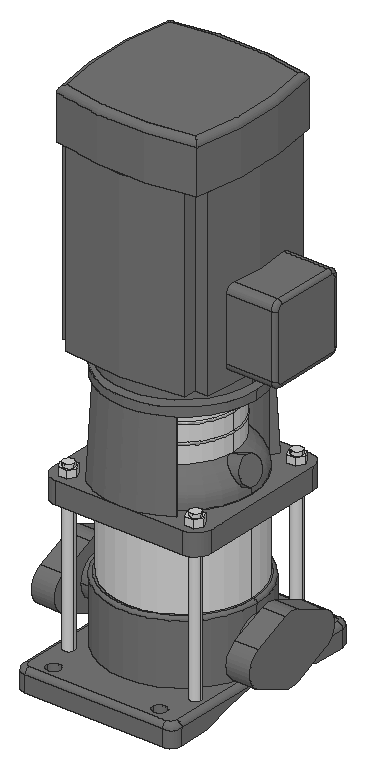
Revit family "TESK_Насос вертикальный с овальными фланцами_SVMT-1", category Оборудование, Revit 2019
Family settings
  Размер круглого соединителя = Использовать диаметр
  Классификация = Насос
  Тип детали = Вставляется
  На основе рабочей плоскости = Нет
  Всегда вертикально = Да
  При загрузке вырезать с полостями = Нет
  Общий = Нет
  Точка расчета площади = Нет
Parameters (values of type "Загрузите каталог типоразмеров TXT")
  Таблица_Поиска = "TESK_SVMT-1 ОФ"  # constant formula
  Производитель_Контакты = "info@teskpump.ru"
  Напор максимальный = 0
  Материал_КорпусУлитка = TESK_Черный_Условный
  Материал_КорпусДвигателя = TESK_Черный_Ребра_Условный
  Материал_2 = TESK_Нержавеющая сталь
  Материал_1 = TESK_Черный_Условный
  Длина_ВспомЛиния = 30 mm  # constant formula
  Высота_Перехода = size_lookup(Таблица_Поиска, "A5", 90 mm, ADSK_Марка)  # 90 mm
  Высота_Корпуса = size_lookup(Таблица_Поиска, "A4", 258 mm, ADSK_Марка)  # 258 mm
  Watermark [instance] = "Модели защищены уникальным кодом"
  URL = "www.teskpump.ru"
  ADSK_Свободный напор жидкости [instance] = 0.0 Pa
  ADSK_Расход жидкости [instance] = 0.0 L/s
  ADSK_Полная мощность = ADSK_Номинальная мощность * ADSK_Коэффициент мощности  # 0 kVA
  ADSK_Номинальная мощность = size_lookup(Таблица_Поиска, "Pow", 0 kW, ADSK_Марка)  # 0 kW
  ADSK_Напряжение = 400 V
  ADSK_Наименование краткое = "Вертикальный многоступенчатый центробежный насос"  # constant formula
  ADSK_Наименование = size_lookup(Таблица_Поиска, "Name", "Не найдено: Насос TESK SVMT-1", ADSK_Марка)  # "Не найдено: Насос TESK SVMT-1"
  ADSK_Масса_Текст = size_lookup(Таблица_Поиска, "mass_t", "Не найдено: Насос TESK SVMT-1", ADSK_Марка)  # "Не найдено: Насос TESK SVMT-1"
  ADSK_Масса = size_lookup(Таблица_Поиска, "mass", 0, ADSK_Марка)  # 0
  ADSK_Марка = "Загрузите каталог типоразмеров TXT"
  ADSK_Коэффициент мощности = 1
  ADSK_Количество фаз числовое = ADSK_Количество фаз  # 3
  ADSK_Количество фаз = if(ADSK_Напряжение = 230 V, 1, 3)  # 3
  ADSK_Количество = 1  # constant formula
  ADSK_Код изделия = size_lookup(Таблица_Поиска, "code", "Не найдено: Насос TESK SVMT-1", ADSK_Марка)  # "Не найдено: Насос TESK SVMT-1"
  ADSK_Классификация нагрузок = Прочее
  ADSK_Завод-изготовитель = "TESK"  # constant formula
  ADSK_Единица измерения = "шт."  # constant formula
  ADSK_Диаметр условный = 25 mm  # constant formula
  ADSK_Версия семейства = "1.0"  # constant formula
  ADSK_Версия Revit = "2019"  # constant formula
  Фланец_Толщина = 22 mm  # constant formula
  УГО_Длина = 206 mm  # constant formula
  Двигатель_Ширина = size_lookup(Таблица_Поиска, "A3", 148 mm, ADSK_Марка)  # 148 mm
  Двигатель_ОтступКоробки = size_lookup(Таблица_Поиска, "A2", 117 mm, ADSK_Марка)  # 117 mm
  Двигатель_Высота = size_lookup(Таблица_Поиска, "A1", 239 mm, ADSK_Марка)  # 239 mm
Reference planes
  plane 1 "По центру (Вперед/Назад)": y = 0
  plane 2: z = 0
  plane 3 "По центру (Влево/Вправо)": x = 0
  plane 4: x = -103
  plane 5: x = 103
  plane 6: x = -81
  plane 7: x = 81
  plane 8: z = -50
  plane 9: z = 208
  plane 10: z = -30
  plane 11: x = -65
  plane 12: z = 20
  plane 13: z = 30
  plane 14: z = 118
  plane 15: x = -40
  plane 16: z = 118
  plane 17: z = 98
  plane 18: x = -75
  plane 19: y = 75
  plane 20: x = 75
  plane 21: y = -75
  plane 22: z = 150.94
  plane 23: z = 200
  plane 24: z = 148
  plane 25: x = -46
  plane 26: x = -48
  plane 27: z = 165.333
  plane 28: z = 182.667
  plane 29: z = 183.667
  plane 30: z = 181.667
  plane 31: z = 166.333
  plane 32: z = 164.333
  plane 33: z = 195
  plane 34: x = -67
  plane 35: x = -75
  plane 36: x = -70
  plane 37: x = 67
  plane 38: x = 75
  plane 39: x = 70
  plane 40: x = -60
  plane 41: x = 60
  plane 42: y = -60
  plane 43: y = 60
  plane 44: z = 128
  plane 45: x = -75
  plane 46: x = 75
  plane 47: y = 105
  plane 48: y = -105
  plane 49: z = -35
  plane 50: x = -70
  plane 51: x = -75
  plane 52: x = -50
  plane 53: x = 50
  plane 54: y = -90
  plane 55: y = 90
  plane 56: z = 20
  plane 57: z = 30
  plane 58: x = -65
  plane 59: x = -70
  plane 60: x = -60
  plane 61: x = 60
  plane 62: y = 60
  plane 63: y = -60
  plane 64: z = 30
  plane 65: y = -65
  plane 66: y = 65
  plane 67: x = -75
  plane 68: x = 75
  plane 69: z = 130
  plane 70: x = 35
Forms (mm)
  Extrusion 1, solid, material "TESK_Черный_Условный" <- "Материал_КорпусУлитка", detail levels fine
    sketch origin (0, 0, 0) x (0, 1, 0) y (0, 0, 1)
      loop
        circle (0, 0) r 20
    from -81 to 81
  Revolve 2, solid, material "TESK_Черный_Условный" <- "Материал_1", detail levels fine
    sketch origin (0, 0, 0) x (1, 0, 0) y (0, 0, 1)
      loop
        line (0, 200) -> (-40, 200) -> (-40, 150.94)
        spline (-40, 150.94) -> (-41.244, 147.444) -> (-44.01, 145.899) -> (-47.266, 144.354) -> (-50.371, 142.694) -> (-53.074, 140.884) -> (-55.632, 138.744) -> (-58.115, 136.259) -> (-60.275, 133.663) -> (-62.008, 131.179) -> (-63.365, 128.735) -> (-64.459, 124.975) -> (-65, 118)
        line (-65, 118) -> (-65, 98) -> (0, 98) -> (0, 200)
      axis (0, 98) -> (0, 200)
    angle from 0 to 360
  Extrusion 3, solid, material "TESK_Черный_Условный" <- "Материал_1", detail levels fine
    sketch origin (0, 0, 0) x (1, 0, 0) y (0, 1, 0)
      loop
        line (-75, 60) -> (-75, -60)
        arc (-75, -60) -> (-70.607, -70.607) -> (-60, -75) r 15
        line (-60, -75) -> (60, -75)
        arc (60, -75) -> (70.607, -70.607) -> (75, -60) r 15
        line (75, -60) -> (75, 60)
        arc (75, 60) -> (70.607, 70.607) -> (60, 75) r 15
        line (60, 75) -> (-60, 75)
        arc (-60, 75) -> (-70.607, 70.607) -> (-75, 60) r 15
    from 98 to 118
  Revolve 4, solid, material "TESK_Нержавеющая сталь" <- "Материал_2", detail levels fine
    sketch origin (0, 0, 0) x (1, 0, 0) y (0, 0, 1)
      loop
        line (-48, 195) -> (-48, 183.667)
        arc (-48, 183.667) -> (-49, 182.667) -> (-48, 181.667) r 1
        line (-48, 181.667) -> (-48, 166.333)
        arc (-48, 166.333) -> (-49, 165.333) -> (-48, 164.333) r 1
        line (-48, 164.333) -> (-48, 148) -> (-46, 148) -> (-46, 195) -> (-48, 195)
      axis (0, 148) -> (0, 195)
    angle from 0 to 360
  Extrusion 5, solid, material "TESK_Черный_Условный" <- "Материал_1", detail levels fine
    sketch origin (0, 0, 0) x (1, 0, 0) y (0, 1, 0)
      loop
        circle (0, 0) r 70
    from 200 to 208
  Revolve 6, solid, material "TESK_Черный_Условный" <- "Материал_1", detail levels fine
    sketch origin (0, 0, 0) x (1, 0, 0) y (0, 0, 1)
      loop
        line (-70, 200) -> (-75, 118) -> (-67, 118) -> (-67, 200) -> (-70, 200)
      axis (0, 118) -> (0, 200)
    angle from 125 to 55
  Revolve 7, solid, material "TESK_Черный_Условный" <- "Материал_1", detail levels fine
    sketch origin (0, 0, 0) x (-1, 0, 0) y (0, 0, 1)
      loop
        line (-70, 200) -> (-75, 118) -> (-67, 118) -> (-67, 200) -> (-70, 200)
      axis (0, 118) -> (0, 200)
    angle from -125 to -55
  Extrusion 8, solid, material "TESK_Нержавеющая сталь" <- "Материал_2", detail levels fine
    sketch origin (0, 0, 0) x (1, 0, 0) y (0, 1, 0)
      loop
        circle (-60, 60) r 5
      loop
        circle (60, 60) r 5
      loop
        circle (-60, -60) r 5
      loop
        circle (60, -60) r 5
    from -30 to 128
  Extrusion 9, solid, material "TESK_Черный_Условный" <- "Материал_1", detail levels fine
    sketch origin (0, 0, 0) x (1, 0, 0) y (0, 1, 0)
      loop
        arc (-65, 105) -> (-72.071, 102.071) -> (-75, 95) r 10
        line (-75, 95) -> (-75, -95)
        arc (-75, -95) -> (-72.071, -102.071) -> (-65, -105) r 10
        line (-65, -105) -> (65, -105)
        arc (65, -105) -> (72.071, -102.071) -> (75, -95) r 10
        line (75, -95) -> (75, 95)
        arc (75, 95) -> (72.071, 102.071) -> (65, 105) r 10
        line (65, 105) -> (-65, 105)
    from -50 to -30
  Sweep 10, void
    path in 3D
      loop
        arc (-75, -95, -30) -> (-72.071, -102.071, -30) -> (-65, -105, -30) r 10
        line (-65, -105, -30) -> (65, -105, -30)
        arc (65, -105, -30) -> (72.071, -102.071, -30) -> (75, -95, -30) r 10
        line (75, -95, -30) -> (75, 95, -30)
        arc (75, 95, -30) -> (72.071, 102.071, -30) -> (65, 105, -30) r 10
        line (65, 105, -30) -> (-65, 105, -30)
        arc (-65, 105, -30) -> (-72.071, 102.071, -30) -> (-75, 95, -30) r 10
        line (-75, 95, -30) -> (-75, -95, -30)
    profile origin (-75, 0, -30) x (1, 0, 0) y (0, 0, 1)
      loop
        arc (0, -5) -> (1.464, -1.464) -> (5, 0) r 5
        line (5, 0) -> (0, 0) -> (0, -5)
  Extrusion 11, void
    sketch origin (0, 0, 0) x (1, 0, 0) y (0, 1, 0)
      loop
        circle (-50, 90) r 6.5
      loop
        circle (50, 90) r 6.5
      loop
        circle (-50, -90) r 6.5
      loop
        circle (50, -90) r 6.5
    from -50 to -30
  Revolve 12, solid, material "TESK_Черный_Условный" <- "Материал_КорпусУлитка", detail levels fine
    sketch origin (0, 0, 0) x (1, 0, 0) y (0, 0, 1)
      loop
        line (-70, -30) -> (0, -30) -> (0, 30) -> (-67, 30)
        arc (-67, 30) -> (-69.121, 29.121) -> (-70, 27) r 3
        line (-70, 27) -> (-70, -30)
      axis (0, -30) -> (0, 30)
    angle from 0 to 360
  Extrusion 13, solid, material "TESK_Нержавеющая сталь" <- "Материал_2", detail levels fine
    sketch origin (0, 0, 0) x (1, 0, 0) y (0, 1, 0)
      loop
        circle (0, 0) r 65
    from 30 to 98
  Extrusion 14, void
    sketch origin (0, 0, 0) x (0, 1, 0) y (0, 0, 1)
      loop
        line (-65, -50) -> (65, -50)
        arc (65, -50) -> (0, -35.496) -> (-65, -50) r 152.902
    from 75 to -75
  Extrusion 15, solid, material "TESK_Черный_Условный" <- "Материал_КорпусУлитка", detail levels fine
    sketch origin (0, 0, 0) x (0, 1, 0) y (0, 0, 1)
      loop
        line (-7.28, 30.675) -> (-39.42, 16.462)
        arc (-39.42, 16.462) -> (-50.14, 0) -> (-39.42, -16.462) r 18
        line (-39.42, -16.462) -> (-7.28, -30.675)
        arc (-7.28, -30.675) -> (0, -32.213) -> (7.28, -30.675) r 18
        line (7.28, -30.675) -> (39.42, -16.462)
        arc (39.42, -16.462) -> (50.14, 0) -> (39.42, 16.462) r 18
        line (39.42, 16.462) -> (7.28, 30.675)
        arc (7.28, 30.675) -> (0, 32.213) -> (-7.28, 30.675) r 18
    from 81 to 103
  Extrusion 16, solid, material "TESK_Черный_Условный" <- "Материал_КорпусУлитка", detail levels fine
    sketch origin (0, 0, 0) x (0, 1, 0) y (0, 0, 1)
      loop
        line (-7.28, 30.675) -> (-39.42, 16.462)
        arc (-39.42, 16.462) -> (-50.14, 0) -> (-39.42, -16.462) r 18
        line (-39.42, -16.462) -> (-7.28, -30.675)
        arc (-7.28, -30.675) -> (0, -32.213) -> (7.28, -30.675) r 18
        line (7.28, -30.675) -> (39.42, -16.462)
        arc (39.42, -16.462) -> (50.14, 0) -> (39.42, 16.462) r 18
        line (39.42, 16.462) -> (7.28, 30.675)
        arc (7.28, 30.675) -> (0, 32.213) -> (-7.28, 30.675) r 18
    from -103 to -81
  Sweep 17, solid, material "TESK_Черный_Условный" <- "Материал_1", detail levels fine
    path in 3D
      loop
        line (35, 0, 130) -> (63.978, 0, 137.765)
    profile origin (49.489, 0, 133.882) x (-0.258819, 0, 0.965926) y (0, -1, 0)
      loop
        circle (0, 0) r 12.65
Cuts and joins
  Sweep 10, Extrusion 11, Extrusion 14 cuts Extrusion 9
Lines and regions (mm)
  sketch lines
    curve 1: line (-75, 95, -30) -> (-75, -95, -30)
    curve 2: arc (-65, -105, -30) -> (-72.071, -102.071, -30) -> (-75, -95, -30) r 10
    curve 3: line (-65, -105, -30) -> (65, -105, -30)
    curve 4: arc (75, -95, -30) -> (72.071, -102.071, -30) -> (65, -105, -30) r 10
    curve 5: line (75, -95, -30) -> (75, 95, -30)
    curve 6: arc (65, 105, -30) -> (72.071, 102.071, -30) -> (75, 95, -30) r 10
    curve 7: line (65, 105, -30) -> (-65, 105, -30)
    curve 8: arc (-75, 95, -30) -> (-72.071, 102.071, -30) -> (-65, 105, -30) r 10
    curve 10: line (35, 0, 130) -> (63.978, 0, 137.765)
  reference lines
    curve 9: line (35, 0, 130) -> (63.978, 0, 137.765)
Dimensions and locks
  locked: plane 3 "По центру (Влево/Вправо)" to plane 4 at 103
  locked: plane 5 to plane 3 "По центру (Влево/Вправо)" at 103
  locked: plane 2 to plane 8 at 50
  locked: plane 10 to plane 8 at 20
  locked: plane 3 "По центру (Влево/Вправо)" to plane 11 at 65
  locked: plane 12 to level at 20
  locked: plane 13 to plane 12 at 10
  "Высота_Перехода": plane 9 to plane 14
  locked: plane 3 "По центру (Влево/Вправо)" to plane 15 at 40
  "Высота_Перехода": plane 9 to plane 16
  locked: plane 16 to plane 17 at 20
  equal spacing: plane 18, plane 3 "По центру (Влево/Вправо)", plane 20
  equal spacing: plane 19, plane 1 "По центру (Вперед/Назад)", plane 21
  locked: plane 21 to plane 1 "По центру (Вперед/Назад)" at 75
  locked: plane 18 to plane 3 "По центру (Влево/Вправо)" at 75
  locked: plane 22 to plane 14 at 32.94
  locked: plane 24 to plane 16 at 30
  locked: plane 9 to plane 23 at 8
  locked: plane 3 "По центру (Влево/Вправо)" to plane 25 at 46
  locked: plane 3 "По центру (Влево/Вправо)" to plane 26 at 48
  equal spacing: plane 23, plane 28, plane 27, plane 24
  plane 29 to plane 28 to plane 30 = 1 mm locked, 1 mm locked
  plane 31 to plane 27 to plane 32 = 1 mm locked, 1 mm locked
  locked: plane 23 to plane 33 at 5
  locked: plane 3 "По центру (Влево/Вправо)" to plane 34 at 67
  locked: plane 35 to plane 3 "По центру (Влево/Вправо)" at 75
  locked: plane 3 "По центру (Влево/Вправо)" to plane 36 at 70
  locked: plane 37 to plane 3 "По центру (Влево/Вправо)" at 67
  locked: plane 39 to plane 3 "По центру (Влево/Вправо)" at 70
  locked: plane 38 to plane 3 "По центру (Влево/Вправо)" at 75
  equal spacing: plane 40, plane 3 "По центру (Влево/Вправо)", plane 41
  locked: plane 40 to plane 3 "По центру (Влево/Вправо)" at 60
  equal spacing: plane 43, plane 1 "По центру (Вперед/Назад)", plane 42
  locked: plane 43 to plane 1 "По центру (Вперед/Назад)" at 60
  locked: plane 44 to plane 16 at 10
  equal spacing: plane 45, plane 3 "По центру (Влево/Вправо)", plane 46
  locked: plane 45 to plane 3 "По центру (Влево/Вправо)" at 75
  equal spacing: plane 47, plane 1 "По центру (Вперед/Назад)", plane 48
  plane 47 to plane 1 "По центру (Вперед/Назад)" = 105 mm
  locked: plane 51 to plane 3 "По центру (Влево/Вправо)" at 75
  locked: plane 51 to plane 50 at 5
  locked: plane 10 to plane 49 at 5
  equal spacing: plane 52, plane 3 "По центру (Влево/Вправо)", plane 53
  locked: plane 52 to plane 3 "По центру (Влево/Вправо)" at 50
  equal spacing: plane 55, plane 1 "По центру (Вперед/Назад)", plane 54
  locked: plane 55 to plane 1 "По центру (Вперед/Назад)" at 90
  locked: plane 3 "По центру (Влево/Вправо)" to plane 58 at 65
  locked: plane 58 to plane 59 at 5
  locked: plane 56 to plane 2 at 20
  locked: plane 57 to plane 56 at 10
  equal spacing: plane 62, plane 1 "По центру (Вперед/Назад)", plane 63
  locked: plane 62 to plane 1 "По центру (Вперед/Назад)" at 60
  equal spacing: plane 60, plane 3 "По центру (Влево/Вправо)", plane 61
  locked: plane 3 "По центру (Влево/Вправо)" to plane 61 at 60
  locked: plane 64 to plane 2 at 30
  "Высота_Корпуса": plane 9 to plane 8
  "Фланец_Толщина": plane 6 to plane 4
  "Фланец_Толщина": plane 5 to plane 7
  equal spacing: plane 65, plane 1 "По центру (Вперед/Назад)", plane 66
  locked: plane 65 to plane 1 "По центру (Вперед/Назад)" at 65
  locked: plane 8 to Extrusion 14 sketch curve at 138.398
  equal spacing: plane 68, plane 3 "По центру (Влево/Вправо)", plane 67
  locked: plane 3 "По центру (Влево/Вправо)" to plane 67 at 75
  equal spacing: Extrusion 15 sketch curve, plane 1 "По центру (Вперед/Назад)", Extrusion 15 sketch curve
  locked: Extrusion 15 sketch curve to plane 1 "По центру (Вперед/Назад)" at 32.14
  equal spacing: Extrusion 15 sketch curve, plane 2, Extrusion 15 sketch curve
  locked: Extrusion 15 sketch curve to plane 2 at 14.213
  equal spacing: Extrusion 16 sketch curve, plane 2, Extrusion 16 sketch curve
  equal spacing: Extrusion 16 sketch curve, plane 1 "По центру (Вперед/Назад)", Extrusion 16 sketch curve
  locked: Extrusion 16 sketch curve to plane 1 "По центру (Вперед/Назад)" at 32.14
  locked: Extrusion 16 sketch curve to plane 2 at 14.213
  locked: plane 70 to plane 3 "По центру (Влево/Вправо)" at 35
  locked: plane 69 to plane 16 at 12
  "Длина_ВспомЛиния": curve 9 to curve 9
  diameter of Extrusion 1 sketch curve = 40 mm
  radius of Extrusion 3 sketch curve = 15 mm  (x4)
  radius of Revolve 4 sketch curve = 1 mm  (x2)
  diameter of Extrusion 5 sketch curve = 140 mm
  diameter of Extrusion 8 sketch curve = 10 mm  (x4)
  radius of Extrusion 9 sketch curve = 10 mm  (x4)
  radius of Sweep 10 sketch curve = 5 mm
  diameter of Extrusion 11 sketch curve = 13 mm  (x4)
  diameter of Extrusion 13 sketch curve = 130 mm
  radius of Extrusion 14 sketch curve = 152.902 mm
  radius of Revolve 12 sketch curve = 3 mm
  radius of Extrusion 15 sketch curve = 18 mm  (x4)
  radius of Extrusion 16 sketch curve = 18 mm  (x4)
  diameter of Sweep 17 sketch curve = 25.3 mm
  locked: plane 69 to curve 9 (angle 15.00°)
  aligned and locked: level to plane 2
  aligned and locked: Extrusion 1 to plane 6
  aligned and locked: plane 7 to Extrusion 1
  aligned and locked: plane 9 to nested 1
  aligned and locked: plane 3 "По центру (Влево/Вправо)" to Revolve 2 sketch curve
  aligned and locked: Revolve 2 sketch curve to plane 3 "По центру (Влево/Вправо)"
  aligned and locked: Revolve 2 sketch curve to plane 11
  aligned and locked: plane 14 to Revolve 2 sketch curve
  aligned and locked: Revolve 2 sketch curve to plane 15
  aligned and locked: Extrusion 3 sketch curve to plane 18
  aligned and locked: Extrusion 3 sketch curve to plane 19
  aligned and locked: Extrusion 3 sketch curve to plane 20
  aligned and locked: Extrusion 3 sketch curve to plane 21
  aligned and locked: plane 16 to Extrusion 3
  aligned and locked: Extrusion 3 to plane 17
  aligned and locked: plane 22 to Revolve 2 sketch curve
  aligned and locked: plane 3 "По центру (Влево/Вправо)" to Revolve 4 sketch curve
  aligned and locked: Revolve 4 sketch curve to plane 26  (x3)
  aligned and locked: Revolve 4 sketch curve to plane 24
  aligned and locked: Revolve 4 sketch curve to plane 25
  aligned and locked: Revolve 4 sketch curve to plane 33
  aligned and locked: Extrusion 5 to plane 23
  aligned and locked: plane 9 to Extrusion 5
  aligned and locked: plane 3 "По центру (Влево/Вправо)" to Revolve 6 sketch curve
  aligned and locked: Revolve 6 sketch curve to plane 34
  aligned and locked: plane 16 to Revolve 6 sketch curve
  aligned and locked: Revolve 6 sketch curve to plane 23
  aligned and locked: plane 35 to Revolve 6 sketch curve
  aligned and locked: Revolve 7 sketch curve to plane 37
  aligned and locked: Revolve 7 sketch curve to plane 16
  aligned and locked: plane 23 to Revolve 7 sketch curve
  aligned and locked: plane 43 to Extrusion 8 sketch curve  (x2)
  aligned and locked: plane 40 to Extrusion 8 sketch curve  (x2)
  aligned and locked: plane 41 to Extrusion 8 sketch curve  (x2)
  aligned and locked: plane 42 to Extrusion 8 sketch curve  (x2)
  aligned and locked: Extrusion 8 to plane 10
  aligned and locked: plane 44 to Extrusion 8
  aligned and locked: Extrusion 9 sketch curve to plane 47
  aligned and locked: Extrusion 9 sketch curve to plane 45
  aligned and locked: Extrusion 9 sketch curve to plane 46
  aligned and locked: Extrusion 9 sketch curve to plane 48
  aligned and locked: plane 8 to Extrusion 9
  aligned and locked: plane 10 to Extrusion 9
  aligned and locked: Sweep 10 sketch curve to plane 51
  aligned and locked: profile plane to Sweep 10 sketch curve
  aligned and locked: Revolve 2 sketch curve to plane 23
  aligned and locked: nested 2 to plane 1 "По центру (Вперед/Назад)"
  aligned and locked: nested 2 to plane 3 "По центру (Влево/Вправо)"
  aligned and locked: nested 3 to plane 3 "По центру (Влево/Вправо)"
  aligned and locked: nested 3 to plane 1 "По центру (Вперед/Назад)"
  aligned and locked: plane 2 to nested 3
  aligned and locked: plane 52 to Extrusion 11 sketch curve  (x2)
  aligned and locked: plane 54 to Extrusion 11 sketch curve
  aligned and locked: plane 53 to Extrusion 11 sketch curve  (x2)
  aligned and locked: plane 55 to Extrusion 11 sketch curve  (x2)
  aligned and locked: plane 10 to Extrusion 11
  aligned and locked: Extrusion 11 to plane 8
  aligned and locked: plane 3 "По центру (Влево/Вправо)" to Revolve 12 sketch curve
  aligned and locked: Revolve 12 sketch curve to plane 10
  aligned and locked: Revolve 12 sketch curve to plane 57
  aligned and locked: Revolve 12 sketch curve to plane 3 "По центру (Влево/Вправо)"
  aligned and locked: plane 3 "По центру (Влево/Вправо)" to nested 1
  aligned and locked: plane 1 "По центру (Вперед/Назад)" to nested 1
  aligned and locked: nested 4 to plane 62
  aligned and locked: plane 61 to nested 4
  aligned and locked: plane 62 to nested 5
  aligned and locked: plane 60 to nested 5
  aligned and locked: plane 63 to nested 7
  aligned and locked: nested 7 to plane 60
  aligned and locked: nested 6 to plane 63
  aligned and locked: nested 6 to plane 61
  aligned and locked: plane 16 to nested 6
  aligned and locked: nested 4 to plane 16
  aligned and locked: nested 7 to plane 16
  aligned and locked: plane 16 to nested 5
  aligned and locked: Revolve 2 sketch curve to plane 17
  aligned and locked: plane 1 "По центру (Вперед/Назад)" to Extrusion 13 sketch curve
  aligned and locked: plane 3 "По центру (Влево/Вправо)" to Extrusion 13 sketch curve
  aligned and locked: plane 17 to Extrusion 13
  aligned and locked: Extrusion 13 to plane 64
  aligned and locked: plane 36 to Revolve 6 sketch curve
  aligned and locked: plane 38 to Revolve 7 sketch curve
  aligned and locked: Revolve 12 sketch curve to plane 59
  aligned and locked: plane 66 to Extrusion 14 sketch curve
  aligned and locked: plane 65 to Extrusion 14 sketch curve
  aligned and locked: plane 1 "По центру (Вперед/Назад)" to Extrusion 14 sketch curve
  aligned and locked: Extrusion 14 to plane 68
  aligned and locked: Extrusion 14 to plane 67
  aligned and locked: plane 2 to Extrusion 15 sketch curve  (x2)
  aligned and locked: plane 1 "По центру (Вперед/Назад)" to Extrusion 15 sketch curve  (x2)
  aligned and locked: Extrusion 15 to plane 7
  aligned and locked: plane 5 to Extrusion 15
  aligned and locked: plane 2 to Extrusion 16 sketch curve  (x2)
  aligned and locked: plane 1 "По центру (Вперед/Назад)" to Extrusion 16 sketch curve  (x2)
  aligned and locked: Extrusion 16 to plane 4
  aligned and locked: plane 6 to Extrusion 16
  aligned and locked: plane 69 to curve 9
  aligned and locked: plane 70 to curve 9
Automatic sketch dimensions
  Extrusion 1 sketch curve to level = 0 mm
  Extrusion 1 sketch curve to plane 1 "По центру (Вперед/Назад)" = 0 mm
  Revolve 4 sketch curve to plane 32 = 0 mm
  Revolve 4 sketch curve to plane 30 = 0 mm
  Revolve 4 sketch curve to plane 24 = 10 mm
  Revolve 4 sketch curve to Revolve 4 sketch curve = 10 mm
  plane 1 "По центру (Вперед/Назад)" to Extrusion 5 sketch curve = 0 mm
  Extrusion 5 sketch curve to plane 3 "По центру (Влево/Вправо)" = 0 mm
  Sweep 10 sketch curve to plane 49 = 0 mm  (x2)
  Sweep 10 sketch curve to Sweep 10 sketch curve = 0 mm
  Sweep 10 sketch curve to plane 50 = 0 mm
  Extrusion 11 sketch curve to plane 54 = 0 mm
  Revolve 6 sketch curve to plane 44 = 0 mm
  Revolve 6 sketch curve to plane 24 = 7.057 mm
  plane 39 to Revolve 7 sketch curve = 0 mm
  Revolve 7 sketch curve to plane 3 "По центру (Влево/Вправо)" = 0 mm
  Revolve 7 sketch curve to plane 44 = 0 mm
  plane 24 to Revolve 7 sketch curve = 7.057 mm
  Revolve 12 sketch curve to plane 17 = 30 mm
  Revolve 12 sketch curve to plane 17 = 10 mm
  Extrusion 15 sketch curve to Extrusion 15 sketch curve = 0 mm
  Extrusion 15 sketch curve to Extrusion 15 sketch curve = 7.28 mm  (x5)
  Extrusion 15 sketch curve to Extrusion 15 sketch curve = 14.213 mm
  plane 64 to Extrusion 15 sketch curve = 0.675 mm
  Extrusion 16 sketch curve to Extrusion 16 sketch curve = 0 mm
  Extrusion 16 sketch curve to Extrusion 16 sketch curve = 7.28 mm  (x5)
  Extrusion 16 sketch curve to Extrusion 16 sketch curve = 14.56 mm
  plane 64 to Extrusion 16 sketch curve = 0.675 mm
  Sweep 17 sketch curve to profile plane = 0 mm
  profile plane to Sweep 17 sketch curve = 0 mm
  Revolve 2 sketch curve to plane 17 = 8 mm
  Revolve 2 sketch curve to Revolve 2 sketch curve = 2 mm
Nested families
  nested 1: "Электродвигатель" at (0, 0, 208), Высота_Двигателя <- "Двигатель_Высота", Отступ_Коробка <- "Двигатель_ОтступКоробки", Ширина_Двигателя <- "Двигатель_Ширина", ADSK_Материал <- "Материал_1", Материал_Корпуса <- "Материал_КорпусДвигателя", type "Электродвигатель", detail levels fine
    with Ширина_Коробки 74 mm, Ширина_Двигателя 148 mm, Отступ_Коробка 117 mm, Материал_Корпуса TESK_Черный_Ребра_Условный, Высота_Двигателя 239 mm, r_Крышка 5.92 mm, r_Коробка 7.4 mm, r2_Коробка 3.7 mm, r2 66.6 mm, r1 54.76 mm, h4 11.95 mm, h3 47.8 mm, h2 14.34 mm, h1 4.78 mm, a 17.76 mm, R 281.2 mm, ADSK_Материал TESK_Черный_Условный
  nested 2: "Вл_УГО_Насос_2D" at (0, 0, 0) x (-1, 0, 0) z (0, 0, 1), L_УГО <- "УГО_Длина", type "Вл_УГО_Насос_2D", detail levels coarse+medium
    with L_УГО 206 mm
  nested 3: "Вл_УГО_Насос_3D" at (0, 0, 0) x (-1, 0, 0) z (0, -1, 0), L_УГО <- "УГО_Длина", type "Вл_УГО_Насос_3D", detail levels coarse+medium
    with L_УГО 206 mm
  nested 4: "Гайка_Условная" at (60, 60, 118), Материал1 <- "Материал_2", type "Гайка_Условная", detail levels fine
    with Толщина_Гайка 7 mm, Материал1 TESK_Нержавеющая сталь, S_Гайка 14 mm, D_Вн 10 mm
  nested 5: "Гайка_Условная" at (-60, 60, 118) x (-1, 0, 0) z (0, 0, 1), Материал1 <- "Материал_2", type "Гайка_Условная", detail levels fine
    with Толщина_Гайка 7 mm, Материал1 TESK_Нержавеющая сталь, S_Гайка 14 mm, D_Вн 10 mm
  nested 6: "Гайка_Условная" at (60, -60, 118), Материал1 <- "Материал_2", type "Гайка_Условная", detail levels fine
    with Толщина_Гайка 7 mm, Материал1 TESK_Нержавеющая сталь, S_Гайка 14 mm, D_Вн 10 mm
  nested 7: "Гайка_Условная" at (-60, -60, 118) x (-1, 0, 0) z (0, 0, 1), Материал1 <- "Материал_2", type "Гайка_Условная", detail levels fine
    with Толщина_Гайка 7 mm, Материал1 TESK_Нержавеющая сталь, S_Гайка 14 mm, D_Вн 10 mm
Connectors
  electrical at (0, 0, 399.2), driven by "ADSK_Количество фаз", driven by "ADSK_Классификация нагрузок", driven by "ADSK_Напряжение", driven by "ADSK_Полная мощность", driven by "ADSK_Коэффициент мощности"
    settings: on nested 1, index 1, voltage 400 V, apparent load 0 kVA, apparent load phase1 0 kVA, apparent load phase2 0 kVA, apparent load phase3 0 kVA, power factor 1, load classification "Прочее", number of poles 3, system type 30, power factor state 1, is connector primary yes, connector utility no, sub classification motor no, connector description ""
  piping at (-103, 0, 0), diameter 25, driven by "ADSK_Диаметр условный", driven by "ADSK_Расход жидкости"
    settings: on Extrusion 16, index 2, connector inside diameter 609.6 mm, connector length 0 mm, flow factor 0, pipe flow 0.0 L/s, pressure drop 0.0 Pa, fitting loss kfactor 0, connector angle 0.00°, fixture units 0, engagement length 0 mm, angle of deflection 0.00°, flow configuration 0, flow direction 1, fitting loss method 0, system type 29, joint type 0, gender type 0, connector reference index 3, connector utility 0, adjustable connector no, is connector primary no, connector description ""
  piping at (103, 0, 0), diameter 25, driven by "ADSK_Диаметр условный", driven by "ADSK_Расход жидкости"
    settings: on Extrusion 15, index 3, connector inside diameter 609.6 mm, connector length 0 mm, flow factor 0, pipe flow 0.0 L/s, pressure drop 0.0 Pa, fitting loss kfactor 0, connector angle 0.00°, fixture units 0, engagement length 0 mm, angle of deflection 0.00°, flow configuration 0, flow direction 2, fitting loss method 0, system type 29, joint type 0, gender type 0, connector reference index 2, connector utility 0, adjustable connector no, is connector primary yes, connector description ""
Definition of nested family "Электродвигатель"
  Parameters (values of type "Электродвигатель")
    Ширина_Коробки [instance] = Ширина_Двигателя * 0.5  # 74 mm
    Ширина_Двигателя [instance] = 148 mm
    Отступ_Коробка [instance] = 117 mm
    Материал_Корпуса [instance] = none
    Высота_Двигателя [instance] = 239 mm
    r_Крышка [instance] = Ширина_Двигателя * 0.04  # 5.92 mm
    r_Коробка [instance] = Ширина_Коробки * 0.1  # 7.4 mm
    r2_Коробка [instance] = Ширина_Коробки * 0.05  # 3.7 mm
    r2 [instance] = Ширина_Двигателя * 0.45  # 66.6 mm
    r1 [instance] = Ширина_Двигателя * 0.37  # 54.76 mm
    h4 [instance] = Высота_Двигателя * 0.05  # 11.95 mm
    h3 [instance] = Высота_Двигателя * 0.2  # 47.8 mm
    h2 [instance] = Высота_Двигателя * 0.06  # 14.34 mm
    h1 [instance] = Высота_Двигателя * 0.02  # 4.78 mm
    a [instance] = Ширина_Двигателя * 0.12  # 17.76 mm
    R [instance] = Ширина_Двигателя * 1.9  # 281.2 mm
    ADSK_Материал [instance] = none
  Reference planes
    plane 1 "По центру (Вперед/Назад)": y = 0
    plane 2: z = 0
    plane 3 "По центру (Влево/Вправо)": x = 0
    plane 4: z = 239
    plane 5: x = -74
    plane 6: x = 74
    plane 7: x = 117
    plane 8: y = 74
    plane 9: y = -74
    plane 10: z = 4.78
    plane 11: z = 19.12
    plane 12: z = 191.2
    plane 13: x = -56.24
    plane 14: y = -56.24
    plane 15: y = 56.24
    plane 16: x = -56.24
    plane 17: x = 56.24
    plane 18: y = 56.24
    plane 19: x = 56.24
    plane 20: y = -56.24
    plane 21: x = -66.6
    plane 22: x = -54.76
    plane 23: x = 207.2
    plane 24: x = -207.2
    plane 25: y = -207.2
    plane 26: y = 207.2
    plane 27: x = 207.2
    plane 28: y = -207.2
    plane 29: x = -207.2
    plane 30: y = 207.2
    plane 31: y = 68.08
    plane 32: z = 233.08
    plane 33: z = 31.07
    plane 34: z = 105.07
    plane 35: y = -37
    plane 36: y = 37
    plane 37: x = 113.3
    plane 38: z = 101.37
  Forms (mm)
    Extrusion 1, solid, material <- "Материал_Корпуса"
      sketch origin (0, 0, 0) x (1, 0, 0) y (0, 1, 0)
        loop
          arc (-68.319, 56.24) -> (-74, 0) -> (-68.319, -56.24) r 281.2
          line (-68.319, -56.24) -> (-56.24, -56.24) -> (-56.24, -68.319)
          arc (-56.24, -68.319) -> (0, -74) -> (56.24, -68.319) r 281.2
          line (56.24, -68.319) -> (56.24, -56.24) -> (68.319, -56.24)
          arc (68.319, -56.24) -> (74, 0) -> (68.319, 56.24) r 281.2
          line (68.319, 56.24) -> (56.24, 56.24) -> (56.24, 68.319)
          arc (56.24, 68.319) -> (0, 74) -> (-56.24, 68.319) r 281.2
          line (-56.24, 68.319) -> (-56.24, 56.24) -> (-68.319, 56.24)
      from 19.12 to 191.2
    Revolve 2, solid, material <- "ADSK_Материал"
      sketch origin (0, 0, 0) x (1, 0, 0) y (0, 0, 1)
        loop
          line (-66.6, 19.12) -> (-66.6, 4.78) -> (-54.76, 4.78) -> (-54.76, 0) -> (0, 0) -> (0, 19.12) -> (-66.6, 19.12)
        axis (0, 0) -> (0, 19.12)
      angle from 0 to 360
    Extrusion 3, solid, material <- "ADSK_Материал"
      sketch origin (0, 0, 0) x (1, 0, 0) y (0, 1, 0)
        loop
          arc (-66.117, 66.117) -> (-74, 0) -> (-66.117, -66.117) r 281.2
          arc (-66.117, -66.117) -> (0, -74) -> (66.117, -66.117) r 281.2
          arc (66.117, -66.117) -> (74, 0) -> (66.117, 66.117) r 281.2
          arc (66.117, 66.117) -> (0, 74) -> (-66.117, 66.117) r 281.2
      from 191.2 to 239
    Sweep 4, void
      path in 3D
        loop
          arc (66.117, 66.117, 239) -> (74, 0, 239) -> (66.117, -66.117, 239) r 281.2
          arc (66.117, -66.117, 239) -> (0, -74, 239) -> (-66.117, -66.117, 239) r 281.2
          arc (-66.117, -66.117, 239) -> (-74, 0, 239) -> (-66.117, 66.117, 239) r 281.2
          arc (-66.117, 66.117, 239) -> (0, 74, 239) -> (66.117, 66.117, 239) r 281.2
      profile origin (0, 74, 239) x (0, 1, 0) y (0, 0, 1)
        loop
          line (0, 0) -> (-5.92, 0)
          arc (-5.92, 0) -> (-1.734, -1.734) -> (0, -5.92) r 5.92
          line (0, -5.92) -> (0, 0)
    Extrusion 5, solid, material <- "ADSK_Материал"
      sketch origin (0, 0, 0) x (0, 1, 0) y (0, 0, 1)
        loop
          line (-29.6, 31.07) -> (29.6, 31.07)
          arc (29.6, 31.07) -> (34.833, 33.237) -> (37, 38.47) r 7.4
          line (37, 38.47) -> (37, 97.67)
          arc (37, 97.67) -> (34.833, 102.903) -> (29.6, 105.07) r 7.4
          line (29.6, 105.07) -> (-29.6, 105.07)
          arc (-29.6, 105.07) -> (-34.833, 102.903) -> (-37, 97.67) r 7.4
          line (-37, 97.67) -> (-37, 38.47)
          arc (-37, 38.47) -> (-34.833, 33.237) -> (-29.6, 31.07) r 7.4
      from 0 to 117
    Sweep 6, void
      path in 3D
        loop
          arc (117, -29.6, 105.07) -> (117, -34.833, 102.903) -> (117, -37, 97.67) r 7.4
          line (117, -37, 97.67) -> (117, -37, 38.47)
          arc (117, -37, 38.47) -> (117, -34.833, 33.237) -> (117, -29.6, 31.07) r 7.4
          line (117, -29.6, 31.07) -> (117, 29.6, 31.07)
          arc (117, 29.6, 31.07) -> (117, 34.833, 33.237) -> (117, 37, 38.47) r 7.4
          line (117, 37, 38.47) -> (117, 37, 97.67)
          arc (117, 37, 97.67) -> (117, 34.833, 102.903) -> (117, 29.6, 105.07) r 7.4
          line (117, 29.6, 105.07) -> (117, -29.6, 105.07)
      profile origin (117, 0, 105.07) x (1, 0, 0) y (0, 0, 1)
        loop
          arc (-3.7, 0) -> (-1.084, -1.084) -> (0, -3.7) r 3.7
          line (0, -3.7) -> (0, 0) -> (-3.7, 0)
  Cuts and joins
    Sweep 4 cuts Extrusion 3
    Sweep 6 cuts Extrusion 5
  Lines and regions (mm)
    sketch lines
      curve 1: arc (-66.117, 66.117, 239) -> (0, 74, 239) -> (66.117, 66.117, 239) r 281.2
      curve 2: arc (66.117, 66.117, 239) -> (74, 0, 239) -> (66.117, -66.117, 239) r 281.2
      curve 3: arc (66.117, -66.117, 239) -> (0, -74, 239) -> (-66.117, -66.117, 239) r 281.2
      curve 4: arc (-66.117, -66.117, 239) -> (-74, 0, 239) -> (-66.117, 66.117, 239) r 281.2
      curve 5: line (117, 29.6, 105.07) -> (117, -29.6, 105.07)
      curve 6: arc (117, 29.6, 105.07) -> (117, 34.833, 102.903) -> (117, 37, 97.67) r 7.4
      curve 7: line (117, 37, 38.47) -> (117, 37, 97.67)
      curve 8: arc (117, 37, 38.47) -> (117, 34.833, 33.237) -> (117, 29.6, 31.07) r 7.4
      curve 9: line (117, -29.6, 31.07) -> (117, 29.6, 31.07)
      curve 10: arc (117, -29.6, 31.07) -> (117, -34.833, 33.237) -> (117, -37, 38.47) r 7.4
      curve 11: line (117, -37, 97.67) -> (117, -37, 38.47)
      curve 12: arc (117, -37, 97.67) -> (117, -34.833, 102.903) -> (117, -29.6, 105.07) r 7.4
  Dimensions and locks
    "Высота_Двигателя": plane 4 to plane 2
    equal spacing: plane 6, plane 3 "По центру (Влево/Вправо)", plane 5
    "Ширина_Двигателя": plane 6 to plane 5
    "Отступ_Коробка": plane 7 to plane 3 "По центру (Влево/Вправо)"
    equal spacing: plane 8, plane 1 "По центру (Вперед/Назад)", plane 9
    "Ширина_Двигателя": plane 8 to plane 9
    "a": plane 5 to plane 13
    "a": plane 14 to plane 9
    "a": plane 19 to plane 6
    "a": plane 20 to plane 9
    "a": plane 17 to plane 6
    "a": plane 8 to plane 18
    "a": plane 8 to plane 15
    "a": plane 5 to plane 16
    "r1": plane 3 "По центру (Влево/Вправо)" to plane 22
    "r2": plane 3 "По центру (Влево/Вправо)" to plane 21
    "h1": plane 10 to plane 2
    "h2": plane 11 to plane 10
    "h3": plane 4 to plane 12
    "R": plane 8 to plane 25
    "R": plane 5 to plane 23
    "R": plane 26 to plane 9
    "R": plane 24 to plane 6
    "R": plane 30 to plane 9
    "R": plane 8 to plane 28
    "R": plane 29 to plane 6
    "R": plane 5 to plane 27
    "r_Крышка": plane 8 to plane 31
    "r_Крышка": plane 4 to plane 32
    "h4": plane 33 to plane 11
    "Ширина_Коробки": plane 34 to plane 33
    equal spacing: plane 35, plane 1 "По центру (Вперед/Назад)", plane 36
    "Ширина_Коробки": plane 35 to plane 36
    "r2_Коробка": plane 7 to plane 37
    "r2_Коробка": plane 34 to plane 38
    "R": radius of Extrusion 1 sketch curve  (x4)
    "R": radius of Extrusion 3 sketch curve  (x4)
    "r_Крышка": radius of Sweep 4 sketch curve
    "r_Коробка": radius of Extrusion 5 sketch curve  (x4)
    "r2_Коробка": radius of Sweep 6 sketch curve
    aligned and locked: level to plane 2
    aligned and locked: Extrusion 1 sketch curve to plane 16
    aligned and locked: Extrusion 1 sketch curve to plane 17
    aligned and locked: Extrusion 1 sketch curve to plane 18
    aligned and locked: Extrusion 1 sketch curve to plane 20
    aligned and locked: Extrusion 1 sketch curve to plane 19
    aligned and locked: Extrusion 1 sketch curve to plane 13
    aligned and locked: Extrusion 1 sketch curve to plane 14
    aligned and locked: plane 12 to Extrusion 1
    aligned and locked: Extrusion 1 to plane 11
    aligned and locked: plane 3 "По центру (Влево/Вправо)" to Revolve 2 sketch curve
    aligned and locked: Revolve 2 sketch curve to plane 11
    aligned and locked: Revolve 2 sketch curve to plane 3 "По центру (Влево/Вправо)"
    aligned and locked: Revolve 2 sketch curve to level
    aligned and locked: Revolve 2 sketch curve to plane 21
    aligned and locked: Revolve 2 sketch curve to plane 22
    aligned and locked: Revolve 2 sketch curve to plane 10
    aligned and locked: plane 23 to Extrusion 1 sketch curve
    aligned and locked: plane 1 "По центру (Вперед/Назад)" to Extrusion 1 sketch curve  (x2)
    aligned and locked: plane 25 to Extrusion 1 sketch curve
    aligned and locked: plane 3 "По центру (Влево/Вправо)" to Extrusion 1 sketch curve  (x2)
    aligned and locked: plane 24 to Extrusion 1 sketch curve
    aligned and locked: plane 26 to Extrusion 1 sketch curve
    aligned and locked: plane 28 to Extrusion 3 sketch curve
    aligned and locked: plane 3 "По центру (Влево/Вправо)" to Extrusion 3 sketch curve  (x2)
    aligned and locked: plane 1 "По центру (Вперед/Назад)" to Extrusion 3 sketch curve  (x2)
    aligned and locked: plane 29 to Extrusion 3 sketch curve
    aligned and locked: plane 30 to Extrusion 3 sketch curve
    aligned and locked: plane 27 to Extrusion 3 sketch curve
    aligned and locked: plane 4 to Extrusion 3
    aligned and locked: Extrusion 3 to plane 12
    aligned and locked: profile plane to Sweep 4 sketch curve  (x2)
    aligned and locked: Extrusion 5 sketch curve to plane 33
    aligned and locked: Extrusion 5 sketch curve to plane 35
    aligned and locked: Extrusion 5 sketch curve to plane 34
    aligned and locked: Extrusion 5 sketch curve to plane 36
    aligned and locked: Extrusion 5 to plane 3 "По центру (Влево/Вправо)"
    aligned and locked: plane 7 to Extrusion 5
    aligned and locked: Sweep 6 sketch curve to plane 34
    aligned and locked: Sweep 6 sketch curve to plane 7
    aligned and locked: plane 37 to Sweep 6 sketch curve
    aligned and locked: plane 38 to Sweep 6 sketch curve
  Automatic sketch dimensions
    Extrusion 1 sketch curve to plane 15 = 0 mm
    plane 10 to Revolve 2 sketch curve = 5 mm
    Revolve 2 sketch curve to plane 11 = 0.698 mm
    Sweep 4 sketch curve to plane 31 = 0 mm  (x2)
    Sweep 4 sketch curve to plane 32 = 0 mm  (x2)
    Sweep 6 sketch curve to plane 37 = 0 mm
    Sweep 6 sketch curve to plane 38 = 0 mm
Definition of nested family "Вл_УГО_Насос_3D"
  Parameters (values of type "Вл_УГО_Насос_3D")
    L_УГО [instance] = 490 mm
    D = 200 mm  # constant formula
  Reference planes
    plane 1 "По центру (Вперед/Назад)": y = 0
    plane 2: z = 0
    plane 3 "По центру (Влево/Вправо)": x = 0
    plane 4: x = -245
    plane 5: x = 245
    plane 6: z = -1
    plane 7: z = 1
    plane 8: z = 0.5
    plane 9: z = -0.5
  Forms (mm)
    Extrusion 1, solid
      sketch origin (0, 0, 0) x (1, 0, 0) y (0, 1, 0)
        loop
          circle (0, 0) r 100
      from -0.5 to 0.5
    Extrusion 2, solid
      sketch origin (0, 0, 0) x (1, 0, 0) y (0, 1, 0)
        loop
          line (-100, 0) -> (50, -86.603) -> (50, 86.603) -> (-100, 0)
      from -1 to 1
  Lines and regions (mm)
    model lines
      curve 1: line (-245, 0, 0) -> (-100, 0, 0)
      curve 2: line (100, 0, 0) -> (245, 0, 0)
  Dimensions and locks
    equal spacing: plane 4, plane 3 "По центру (Влево/Вправо)", plane 5
    plane 7 to level to plane 6 = 1 mm locked, 1 mm locked
    plane 8 to level = 0.5 mm
    level to plane 9 = 0.5 mm
    "L_УГО": plane 4 to plane 5
    "D": diameter of Extrusion 1 sketch curve
    aligned and locked: level to plane 2
    aligned and locked: plane 3 "По центру (Влево/Вправо)" to Extrusion 1 sketch curve
    aligned and locked: plane 1 "По центру (Вперед/Назад)" to Extrusion 1 sketch curve
    aligned and locked: plane 8 to Extrusion 1
    aligned and locked: Extrusion 1 to plane 9
    aligned and locked: Extrusion 2 to plane 6
    aligned and locked: plane 7 to Extrusion 2
    aligned and locked: plane 1 "По центру (Вперед/Назад)" to curve 1
    aligned and locked: plane 4 to curve 1
    aligned and locked: plane 5 to curve 2
  Automatic sketch dimensions
    plane 1 "По центру (Вперед/Назад)" to Extrusion 2 sketch curve = 0 mm
    plane 3 "По центру (Влево/Вправо)" to Extrusion 2 sketch curve = 50 mm
    plane 1 "По центру (Вперед/Назад)" to Extrusion 2 sketch curve = 86.603 mm
    Extrusion 2 sketch curve to plane 1 "По центру (Вперед/Назад)" = 86.603 mm
    Extrusion 2 sketch curve to plane 3 "По центру (Влево/Вправо)" = 100 mm
    plane 1 "По центру (Вперед/Назад)" to curve 1 = 0 mm
    plane 1 "По центру (Вперед/Назад)" to curve 2 = 0 mm
    curve 1 to plane 3 "По центру (Влево/Вправо)" = 100 mm
    plane 3 "По центру (Влево/Вправо)" to curve 2 = 100 mm
Definition of nested family "Гайка_Условная"
  Parameters (values of type "Гайка_Условная")
    Толщина_Гайка [instance] = 10 mm
    Материал1 [instance] = none
    S_Гайка [instance] = 15 mm
    D_Вн [instance] = 10 mm
  Reference planes
    plane 1 "По центру (Вперед/Назад)": y = 0
    plane 2: z = 0
    plane 3 "По центру (Влево/Вправо)": x = 0
    plane 4: z = 10
  Forms (mm)
    Extrusion 1, solid, material <- "Материал1"
      sketch origin (0, 0, 0) x (1, 0, 0) y (0, 1, 0)
        loop
          line (8.66, 0) -> (4.33, 7.5) -> (-4.33, 7.5) -> (-8.66, 0) -> (-4.33, -7.5) -> (4.33, -7.5) -> (8.66, 0)
        loop
          circle (0, 0) r 5
      from 0 to 10
  Dimensions and locks
    equal spacing: Extrusion 1 sketch curve, plane 3 "По центру (Влево/Вправо)", Extrusion 1 sketch curve  (x3)
    "S_Гайка": Extrusion 1 sketch curve to Extrusion 1 sketch curve  (x3)
    "Толщина_Гайка": plane 4 to plane 2
    "D_Вн": diameter of Extrusion 1 sketch curve
    locked: Extrusion 1 sketch curve to Extrusion 1 sketch curve (angle 120.00°)  (x3)
    aligned and locked: level to plane 2
    aligned and locked: plane 1 "По центру (Вперед/Назад)" to Extrusion 1 sketch curve
    aligned and locked: plane 3 "По центру (Влево/Вправо)" to Extrusion 1 sketch curve
    aligned and locked: plane 4 to Extrusion 1
    aligned and locked: Extrusion 1 to plane 2
Definition of nested family "Вл_УГО_Насос_2D"
  Parameters (values of type "Вл_УГО_Насос_2D")
    L_УГО [instance] = 250 mm
    D = 200 mm  # constant formula
  Reference planes
    plane 1 "По центру (Вперед/Назад)": y = 0
    plane 2: z = 0
    plane 3 "По центру (Влево/Вправо)": x = 0
    plane 4: x = -125
    plane 5: x = 125
    plane 6: x = -100
    plane 7: x = 100
    plane 8: x = -100, in view "Опорный уровень"
  Lines and regions (mm)
    Filled region 1, type "Сплошная заливка - Черный", in view "Опорный уровень"
      outline origin (0, 0, 0) x (1, 0, 0) y (0, 1, 0)
        loop
          line (-100, 0) -> (50, -86.603) -> (50, 86.603) -> (-100, 0)
    detail lines, in view "Опорный уровень"
      curve 1: line (-125, 0, 0) -> (-100, 0, 0)
      curve 2: line (100, 0, 0) -> (125, 0, 0)
      curve 3: circle (0, 0, 0) r 100 normal (0, 0, 1)
  Dimensions and locks
    "L_УГО": plane 4 to plane 5
    equal spacing: plane 4, plane 3 "По центру (Влево/Вправо)", plane 5
    locked: plane 8 to plane 3 "По центру (Влево/Вправо)" at 100
    equal spacing: plane 6, plane 3 "По центру (Влево/Вправо)", plane 7
    "D": plane 6 to plane 7
    "D": diameter of curve 3
    aligned and locked: plane 4 to curve 1
    aligned and locked: plane 5 to curve 2
    aligned and locked: plane 1 "По центру (Вперед/Назад)" to curve 1
    aligned and locked: plane 8 to Filled region 1 sketch curve
    aligned and locked: plane 6 to curve 1
    aligned and locked: plane 7 to curve 2
    aligned and locked: plane 3 "По центру (Влево/Вправо)" to curve 3
    aligned and locked: plane 1 "По центру (Вперед/Назад)" to curve 3
  Automatic sketch dimensions
    plane 1 "По центру (Вперед/Назад)" to Filled region 1 sketch curve = 0 mm
    plane 3 "По центру (Влево/Вправо)" to Filled region 1 sketch curve = 50 mm
    plane 1 "По центру (Вперед/Назад)" to Filled region 1 sketch curve = 86.603 mm
    Filled region 1 sketch curve to plane 1 "По центру (Вперед/Назад)" = 86.603 mm
    plane 1 "По центру (Вперед/Назад)" to curve 2 = 0 mm
Types in the file's own list only (22): name | Напор максимальный | Длина_ВспомЛиния | Высота_Перехода | Высота_Корпуса | ADSK_Полная мощность | ADSK_Номинальная мощность | ADSK_Напряжение | ADSK_Наименование | ADSK_Масса_Текст | ADSK_Масса | ADSK_Марка | ADSK_Код изделия | ADSK_Диаметр условный | Фланец_Толщина | УГО_Длина | Двигатель_Ширина | Двигатель_ОтступКоробки | Двигатель_Высота
  SVMT 1-2 0.37kW 3x380V 50Hz IE3 | 13 | 30 мм | 90 мм | 258 мм | 0 кВ·А | 0 кВт | 400 В | "Вертикальный многоступенчатый центробежный насос SVMT, DN25, Hmax=13м (3x380V 50Hz IE3)" | "20" | 20 | "SVMT 1-2 0.37kW 3x380V 50Hz IE3" | "771-20003380NF" | 25 мм | 22 мм | 206 мм | 148 мм | 117 мм | 239 мм
  SVMT 1-3 0.37kW 3x380V 50Hz IE3 | 19 | 30 мм | 90 мм | 276 мм | 0 кВ·А | 0 кВт | 400 В | "Вертикальный многоступенчатый центробежный насос SVMT, DN25, Hmax=19м (3x380V 50Hz IE3)" | "20" | 20 | "SVMT 1-3 0.37kW 3x380V 50Hz IE3" | "771-30003380NF" | 25 мм | 22 мм | 206 мм | 148 мм | 117 мм | 239 мм
  SVMT 1-4 0.37kW 3x380V 50Hz IE3 | 24 | 30 мм | 90 мм | 294 мм | 0 кВ·А | 0 кВт | 400 В | "Вертикальный многоступенчатый центробежный насос SVMT, DN25, Hmax=24м (3x380V 50Hz IE3)" | "21" | 21 | "SVMT 1-4 0.37kW 3x380V 50Hz IE3" | "771-40003380NF" | 25 мм | 22 мм | 206 мм | 148 мм | 117 мм | 239 мм
  SVMT 1-5 0.37kW 3x380V 50Hz IE3 | 30 | 30 мм | 90 мм | 312 мм | 0 кВ·А | 0 кВт | 400 В | "Вертикальный многоступенчатый центробежный насос SVMT, DN25, Hmax=30м (3x380V 50Hz IE3)" | "21" | 21 | "SVMT 1-5 0.37kW 3x380V 50Hz IE3" | "771-50003380NF" | 25 мм | 22 мм | 206 мм | 148 мм | 117 мм | 239 мм
  SVMT 1-6 0.37kW 3x380V 50Hz IE3 | 36 | 30 мм | 90 мм | 330 мм | 0 кВ·А | 0 кВт | 400 В | "Вертикальный многоступенчатый центробежный насос SVMT, DN25, Hmax=36м (3x380V 50Hz IE3)" | "22" | 22 | "SVMT 1-6 0.37kW 3x380V 50Hz IE3" | "771-60003380NF" | 25 мм | 22 мм | 206 мм | 148 мм | 117 мм | 239 мм
  SVMT 1-7 0.37kW 3x380V 50Hz IE3 | 42 | 30 мм | 90 мм | 348 мм | 0 кВ·А | 0 кВт | 400 В | "Вертикальный многоступенчатый центробежный насос SVMT, DN25, Hmax=42м (3x380V 50Hz IE3)" | "23" | 23 | "SVMT 1-7 0.37kW 3x380V 50Hz IE3" | "771-70003380NF" | 25 мм | 22 мм | 206 мм | 148 мм | 117 мм | 239 мм
  SVMT 1-8 0.55kW 3x380V 50Hz IE3 | 48 | 30 мм | 90 мм | 366 мм | 1 кВ·А | 1 кВт | 400 В | "Вертикальный многоступенчатый центробежный насос SVMT, DN25, Hmax=48м (3x380V 50Hz IE3)" | "24" | 24 | "SVMT 1-8 0.55kW 3x380V 50Hz IE3" | "771-80003380NF" | 25 мм | 22 мм | 206 мм | 148 мм | 117 мм | 239 мм
  SVMT 1-9 0.55kW 3x380V 50Hz IE3 | 54 | 30 мм | 90 мм | 384 мм | 1 кВ·А | 1 кВт | 400 В | "Вертикальный многоступенчатый центробежный насос SVMT, DN25, Hmax=54м (3x380V 50Hz IE3)" | "25" | 25 | "SVMT 1-9 0.55kW 3x380V 50Hz IE3" | "771-90003380NF" | 25 мм | 22 мм | 206 мм | 148 мм | 117 мм | 239 мм
  SVMT 1-10 0.55kW 3x380V 50Hz IE3 | 60 | 30 мм | 90 мм | 402 мм | 1 кВ·А | 1 кВт | 400 В | "Вертикальный многоступенчатый центробежный насос SVMT, DN25, Hmax=60м (3x380V 50Hz IE3)" | "26" | 26 | "SVMT 1-10 0.55kW 3x380V 50Hz IE3" | "771-100003380NF" | 25 мм | 22 мм | 206 мм | 148 мм | 117 мм | 239 мм
  SVMT 1-11 0.55kW 3x380V 50Hz IE3 | 66 | 30 мм | 90 мм | 420 мм | 1 кВ·А | 1 кВт | 400 В | "Вертикальный многоступенчатый центробежный насос SVMT, DN25, Hmax=66м (3x380V 50Hz IE3)" | "26" | 26 | "SVMT 1-11 0.55kW 3x380V 50Hz IE3" | "771-110003380NF" | 25 мм | 22 мм | 206 мм | 148 мм | 117 мм | 239 мм
  SVMT 1-12 0.75kW 3x380V 50Hz IE3 | 72 | 30 мм | 110 мм | 448 мм | 1 кВ·А | 1 кВт | 400 В | "Вертикальный многоступенчатый центробежный насос SVMT, DN25, Hmax=72м (3x380V 50Hz IE3)" | "29" | 29 | "SVMT 1-12 0.75kW 3x380V 50Hz IE3" | "771-120003380NF" | 25 мм | 22 мм | 206 мм | 170 мм | 142 мм | 280 мм
  SVMT 1-13 0.75kW 3x380V 50Hz IE3 | 78 | 30 мм | 110 мм | 466 мм | 1 кВ·А | 1 кВт | 400 В | "Вертикальный многоступенчатый центробежный насос SVMT, DN25, Hmax=78м (3x380V 50Hz IE3)" | "30" | 30 | "SVMT 1-13 0.75kW 3x380V 50Hz IE3" | "771-130003380NF" | 25 мм | 22 мм | 206 мм | 170 мм | 142 мм | 280 мм
  SVMT 1-15 0.75kW 3x380V 50Hz IE3 | 89 | 30 мм | 110 мм | 502 мм | 1 кВ·А | 1 кВт | 400 В | "Вертикальный многоступенчатый центробежный насос SVMT, DN25, Hmax=89м (3x380V 50Hz IE3)" | "31" | 31 | "SVMT 1-15 0.75kW 3x380V 50Hz IE3" | "771-150003380NF" | 25 мм | 22 мм | 206 мм | 170 мм | 142 мм | 280 мм
  SVMT 1-17 1.1kW 3x380V 50Hz IE3 | 101 | 30 мм | 110 мм | 538 мм | 1 кВ·А | 1 кВт | 400 В | "Вертикальный многоступенчатый центробежный насос SVMT, DN25, Hmax=101м (3x380V 50Hz IE3)" | "33" | 33 | "SVMT 1-17 1.1kW 3x380V 50Hz IE3" | "771-170003380NF" | 25 мм | 22 мм | 206 мм | 170 мм | 142 мм | 280 мм
  SVMT 1-19 1.1kW 3x380V 50Hz IE3 | 113 | 30 мм | 110 мм | 574 мм | 1 кВ·А | 1 кВт | 400 В | "Вертикальный многоступенчатый центробежный насос SVMT, DN25, Hmax=113м (3x380V 50Hz IE3)" | "34" | 34 | "SVMT 1-19 1.1kW 3x380V 50Hz IE3" | "771-190003380NF" | 25 мм | 22 мм | 206 мм | 170 мм | 142 мм | 280 мм
  SVMT 1-21 1.1kW 3x380V 50Hz IE3 | 124 | 30 мм | 110 мм | 610 мм | 1 кВ·А | 1 кВт | 400 В | "Вертикальный многоступенчатый центробежный насос SVMT, DN25, Hmax=124м (3x380V 50Hz IE3)" | "35" | 35 | "SVMT 1-21 1.1kW 3x380V 50Hz IE3" | "771-210003380NF" | 25 мм | 22 мм | 206 мм | 170 мм | 142 мм | 280 мм
  SVMT 1-23 1.1kW 3x380V 50Hz IE3 | 137 | 30 мм | 110 мм | 646 мм | 1 кВ·А | 1 кВт | 400 В | "Вертикальный многоступенчатый центробежный насос SVMT, DN25, Hmax=137м (3x380V 50Hz IE3)" | "36" | 36 | "SVMT 1-23 1.1kW 3x380V 50Hz IE3" | "771-230003380NF" | 25 мм | 22 мм | 206 мм | 170 мм | 142 мм | 280 мм
  SVMT 1-25 1.5kW 3x380V 50Hz IE3 | 149 | 30 мм | 130 мм | 692 мм | 2 кВ·А | 2 кВт | 400 В | "Вертикальный многоступенчатый центробежный насос SVMT, DN25, Hmax=149м (3x380V 50Hz IE3)" | "42" | 42 | "SVMT 1-25 1.5kW 3x380V 50Hz IE3" | "771-250003380NF" | 25 мм | 22 мм | 206 мм | 190 мм | 155 мм | 333 мм
  SVMT 1-27 1.5kW 3x380V 50Hz IE3 | 161 | 30 мм | 130 мм | 728 мм | 2 кВ·А | 2 кВт | 400 В | "Вертикальный многоступенчатый центробежный насос SVMT, DN25, Hmax=161м (3x380V 50Hz IE3)" | "43" | 43 | "SVMT 1-27 1.5kW 3x380V 50Hz IE3" | "771-270003380NF" | 25 мм | 22 мм | 206 мм | 190 мм | 155 мм | 333 мм
  SVMT 1-30 1.5kW 3x380V 50Hz IE3 | 178 | 30 мм | 130 мм | 782 мм | 2 кВ·А | 2 кВт | 400 В | "Вертикальный многоступенчатый центробежный насос SVMT, DN25, Hmax=178м (3x380V 50Hz IE3)" | "45" | 45 | "SVMT 1-30 1.5kW 3x380V 50Hz IE3" | "771-300003380NF" | 25 мм | 22 мм | 206 мм | 190 мм | 155 мм | 333 мм
  SVMT 1-33 2.2kW 3x380V 50Hz IE3 | 196 | 30 мм | 130 мм | 836 мм | 2 кВ·А | 2 кВт | 400 В | "Вертикальный многоступенчатый центробежный насос SVMT, DN25, Hmax=196м (3x380V 50Hz IE3)" | "49" | 49 | "SVMT 1-33 2.2kW 3x380V 50Hz IE3" | "771-330003380NF" | 25 мм | 22 мм | 206 мм | 190 мм | 155 мм | 333 мм
  SVMT 1-36 2.2kW 3x380V 50Hz IE3 | 214 | 30 мм | 130 мм | 890 мм | 2 кВ·А | 2 кВт | 400 В | "Вертикальный многоступенчатый центробежный насос SVMT, DN25, Hmax=214м (3x380V 50Hz IE3)" | "51" | 51 | "SVMT 1-36 2.2kW 3x380V 50Hz IE3" | "771-360003380NF" | 25 мм | 22 мм | 206 мм | 190 мм | 155 мм | 333 мм
